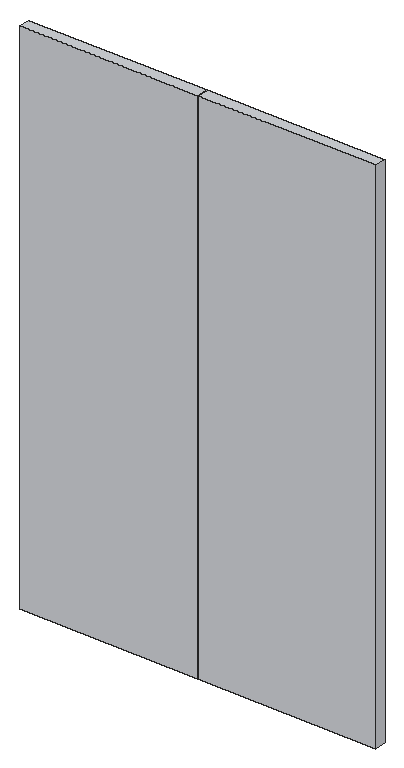
Revit family "CP-DR_2SL_Sliding Door", category Doors, Revit 2021
Family settings
  OmniClass Number = 23.25.20.14.11.11.17
  OmniClass Title = Infill Panels
  Always vertical = Yes
  Cut with Voids When Loaded = No
  Shared = No
  Room Calculation Point = Yes
Parameters (values of type "50_Off-50")
  YN_Handle_Internal = no
  YN_Handle_External = no
  Thickness = 0 mm  # constant formula
  TX_TypeCode = "2SL"
  TX_Host [instance] = ""
  MA_Panel = none
  MA_Handle = none
  MA_Frame = none
  Function = Interior
  Description = "Porta a due ante simmetriche scorrevoli. Montata a filo interno."
  Define Thermal Properties by = Schematic Type
  DI_Width_Rough [instance] = 1663.754 mm
  DI_Width_Clear [instance] = DI_Width  # 1663.754 mm
  DI_Width [instance] = DI_Width_Rough - (DI_Frame_Width * 2)  # 1663.754 mm
  DI_Panel_Width [instance] = DI_Width / 2  # 831.877 mm
  DI_Panel_Thickness = 50 mm
  DI_Panel_OffsetYC = 300 mm + DI_Panel_OffsetY  # 250 mm
  DI_Panel_OffsetY = -50 mm
  DI_Panel_Height [instance] = DI_Height  # 2438.4 mm
  DI_Opening_Projection_OffsetX [instance] = DI_Width / 2  # 831.877 mm
  DI_Opening_OffsetX = 0 mm
  DI_Height_Rough [instance] = 2438.4 mm
  DI_Height_Clear [instance] = DI_Height  # 2438.4 mm
  DI_Height [instance] = DI_Height_Rough - DI_Frame_Width  # 2438.4 mm
  DI_Handle_OffsetZ = 900 mm
  DI_Handle_OffsetX = 50 mm
  DI_Frame_Width = 0 mm
  DI_Frame_Thickness = 50 mm
  Analytic Construction = "<None>"
Reference planes
  plane 1 "Front": y = 0
  plane 2: z = 0
  plane 3 "Center (Left/Right)": x = 0
  plane 4 "Left": x = -831.877
  plane 5 "Right": x = 831.877
  plane 6 "Top": z = 2438.4
  plane 7 "Front Panel": y = -50
  plane 8 "Back Panel": y = 0
  plane 9 "MidllePanel": y = -25
  plane 10 "Panel Opening Projection Left": x = -1663.754
  plane 11 "Panel Opening Projection Right": x = 1663.754
  plane 12 "Panel Opening Right": x = 831.877
  plane 13 "Panel Opening Left": x = -831.877
  plane 14 "Origin offset": y = -300
  plane 15 "Hinge_Right": x = 831.877
  plane 16 "Hinge_Left": x = -831.877
Text (mm)
  text "Exterior" at (-1379.057, 797.241, 0), in view "Ref. Level"
  text "Exterior" at (12192, 1055.114, 2275.943), in view "Right"
  text "Exterior" at (-6096, 1468.734, 2687.031), in view "Left"
  text "PAN. 1" at (-507.978, 435.083, 0), in view "Ref. Level"
  text "PAN. 2" at (379.091, 435.083, 0), in view "Ref. Level"
Dimensions and locks
  equal spacing: plane 4 "Left", plane 3 "Center (Left/Right)", plane 5 "Right"
  "DI_Panel_Thickness": plane 8 "Back Panel" to plane 7 "Front Panel"
  equal spacing: plane 8 "Back Panel", plane 9 "MidllePanel", plane 7 "Front Panel"
  "DI_Width_Rough": plane 4 "Left" to plane 5 "Right"
  "DI_Height_Rough": plane 2 to plane 6 "Top"
  "DI_Opening_Projection_OffsetX": plane 10 "Panel Opening Projection Left" to plane 4 "Left"
  "DI_Opening_Projection_OffsetX": plane 5 "Right" to plane 11 "Panel Opening Projection Right"
  "DI_Opening_OffsetX": plane 5 "Right" to plane 12 "Panel Opening Right"
  "DI_Opening_OffsetX": plane 13 "Panel Opening Left" to plane 4 "Left"
  "DI_Panel_OffsetYC": plane 7 "Front Panel" to plane 14 "Origin offset"
  locked: plane 1 "Front" to plane 14 "Origin offset" at 300
  "DI_Frame_Width": plane 15 "Hinge_Right" to plane 5 "Right"
  "DI_Frame_Width": plane 4 "Left" to plane 16 "Hinge_Left"
  aligned and locked: level to plane 2
  aligned and locked: nested 1 to plane 9 "MidllePanel"
  aligned and locked: plane 10 "Panel Opening Projection Left" to nested 2
  aligned and locked: nested 2 to plane 9 "MidllePanel"
  aligned and locked: plane 11 "Panel Opening Projection Right" to nested 3
  aligned and locked: nested 3 to plane 9 "MidllePanel"
  aligned and locked: plane 9 "MidllePanel" to nested 4
  aligned and locked: nested 5 to plane 8 "Back Panel"
  aligned and locked: plane 8 "Back Panel" to nested 6
  aligned and locked: plane 3 "Center (Left/Right)" to nested 7
  aligned and locked: nested 7 to plane 9 "MidllePanel"
  aligned and locked: plane 16 "Hinge_Left" to nested 1
  aligned and locked: nested 4 to plane 15 "Hinge_Right"
  aligned and locked: plane 15 "Hinge_Right" to nested 6
  aligned and locked: nested 5 to plane 16 "Hinge_Left"
Nested families
  nested 1: "DR.PN_Sliding Panel" at (-415.938, -25, 0), DI_Panel_Thickness <- "DI_Panel_Thickness", DI_Panel_Height <- "DI_Panel_Height", MA_Panel <- "MA_Panel", DI_Panel_Width <- "DI_Panel_Width", type "Sliding"
    with Thickness 0 mm, MA_Panel none, DI_Panel_Width 831.877 mm, DI_Panel_Thickness 50 mm, DI_Panel_Height 2438.4 mm
  nested 2: "DR.PN_Sliding Panel" at (-1247.815, -25, 0), DI_Panel_Thickness <- "DI_Panel_Thickness", DI_Panel_Height <- "DI_Panel_Height", DI_Panel_Width <- "DI_Panel_Width", type "Sliding_Projection"
    with Thickness 0 mm, MA_Panel none, DI_Panel_Width 831.877 mm, DI_Panel_Thickness 50 mm, DI_Panel_Height 2438.4 mm
  nested 3: "DR.PN_Sliding Panel" at (1247.815, -25, 0) x (-1, 0, 0) z (0, 0, 1), DI_Panel_Thickness <- "DI_Panel_Thickness", DI_Panel_Height <- "DI_Panel_Height", DI_Panel_Width <- "DI_Panel_Width", type "Sliding_Projection"
    with Thickness 0 mm, MA_Panel none, DI_Panel_Width 831.877 mm, DI_Panel_Thickness 50 mm, DI_Panel_Height 2438.4 mm
  nested 4: "DR.PN_Sliding Panel" at (415.938, -25, 0) x (-1, 0, 0) z (0, 0, 1), DI_Panel_Thickness <- "DI_Panel_Thickness", DI_Panel_Height <- "DI_Panel_Height", MA_Panel <- "MA_Panel", DI_Panel_Width <- "DI_Panel_Width", type "Sliding"
    with Thickness 0 mm, MA_Panel none, DI_Panel_Width 831.877 mm, DI_Panel_Thickness 50 mm, DI_Panel_Height 2438.4 mm
  nested 5: "DR.HA_Handle_FlushPull_Circular_HW" at (-831.877, 80, 0), DI_Panel_Thickness <- "DI_Panel_Thickness", DI_Panel_Height <- "DI_Panel_Height", DI_Handle_OffsetZ <- "DI_Handle_OffsetZ", YN_Handle_External <- "YN_Handle_External", YN_Handle_Internal <- "YN_Handle_Internal", DI_Panel_Width <- "DI_Panel_Width", DI_Handle_OffsetX <- "DI_Handle_OffsetX", type "Cut"
    with YN_Handle_Internal no, YN_Handle_External no, MA_Handle none, DI_Panel_Width 831.877 mm, DI_Panel_Thickness 50 mm, DI_Panel_OffsetYC 0 mm, DI_Panel_OffsetY 0 mm, DI_Panel_Height 2438.4 mm, DI_Handle_OffsetZ 900 mm, DI_Handle_OffsetX 50 mm
  nested 6: "DR.HA_Handle_FlushPull_Circular_HW" at (831.877, 80, 0) x (-1, 0, 0) z (0, 0, 1), DI_Panel_Thickness <- "DI_Panel_Thickness", DI_Panel_Height <- "DI_Panel_Height", DI_Handle_OffsetZ <- "DI_Handle_OffsetZ", YN_Handle_External <- "YN_Handle_External", YN_Handle_Internal <- "YN_Handle_Internal", DI_Panel_Width <- "DI_Panel_Width", DI_Handle_OffsetX <- "DI_Handle_OffsetX", type "Cut"
    with YN_Handle_Internal no, YN_Handle_External no, MA_Handle none, DI_Panel_Width 831.877 mm, DI_Panel_Thickness 50 mm, DI_Panel_OffsetYC 0 mm, DI_Panel_OffsetY 0 mm, DI_Panel_Height 2438.4 mm, DI_Handle_OffsetZ 900 mm, DI_Handle_OffsetX 50 mm
  nested 7: "DR.FR_Generic Frame" at (0, -25, 0), DI_Frame_Thickness <- "DI_Frame_Thickness", DI_Frame_Width <- "DI_Frame_Width", MA_Frame <- "MA_Frame", DI_Height <- "DI_Height_Rough", DI_Width <- "DI_Width_Rough", type "0"
    with built-in parameter 1001301 0 mm, Thickness 0 mm, MA_Frame none, built-in parameter 1001300 0 mm, DI_Width 1663.754 mm, DI_Height 2438.4 mm, DI_Frame_Width 0 mm, DI_Frame_Thickness 50 mm
Definition of nested family "DR.PN_Sliding Panel"
  Parameters (values of type "Sliding")
    YN_Swing = yes
    YN_Panel_Projection = no
    YN_Panel = not(YN_Panel_Projection)  # yes
    YN_3D = not(YN_Panel_Projection)  # yes
    Width = 0 mm  # constant formula
    Thickness [instance] = 0 mm  # constant formula
    Rough Width = 0 mm  # constant formula
    Rough Height = 0 mm  # constant formula
    MA_Panel [instance] = none
    Height = 0 mm  # constant formula
    Define Thermal Properties by = 1
    Default Elevation = 0 mm  # constant formula
    DI_Panel_Width [instance] = 900 mm
    DI_Panel_Thickness [instance] = 50 mm
    DI_Panel_Height [instance] = 2100 mm
    Analytic Construction = "<None>"
  Types (2, lengths in mm): name | YN_Swing | YN_Panel_Projection | YN_Panel | YN_3D | DI_Panel_Width | DI_Panel_Height
    Sliding | yes | no | yes | yes | 900 | 2100
    Sliding_Projection | no | yes | no | no | 800 | 1800
  Reference planes
    plane 1 "Center (Front/Back)": y = 0
    plane 2: z = 0
    plane 3 "Center (Left/Right)": x = 0
    plane 4 "Left": x = -450
    plane 5 "Right": x = 450
    plane 6 "FrontPanel": y = -25
    plane 7 "Top": z = 2100
    plane 8: z = 1050
    plane 9 "BackPanel": y = 25
    plane 10 "Arrow1": z = 1107
    plane 11 "Arrow2": z = 993
    plane 12 "Summit Arrow": x = 300
  Forms (mm)
    Extrusion 1, solid, material <- "MA_Panel", visible <- "YN_3D"
      sketch origin (1340, 700, 0) x (1, 0, 0) y (0, 1, 0)
        loop
          line (-1790, -725) -> (-890, -725) -> (-890, -675) -> (-1790, -675) -> (-1790, -725)
      from 0 to 2100
  Lines and regions (mm)
    Masking region 1, visible <- "YN_Panel"
      outline origin (0, 0, 0) x (1, 0, 0) y (0, 1, 0)
        loop
          line (-450, -25) -> (450, -25) -> (450, 25) -> (-450, 25) -> (-450, -25)
    symbolic lines, not visible
      curve 1: line (-450, 25, 0) -> (450, 25, 0)
    symbolic lines, not visible, detail levels medium+fine
      curve 2: line (-450, -25, 0) -> (450, -25, 0)
      curve 3: line (450, -25, 0) -> (450, 25, 0)
    symbolic lines
      curve 4: line (-450, 25, 0) -> (450, 25, 0)
      curve 5: line (-450, -25, 0) -> (-450, 25, 0)
      curve 6: line (450, -25, 0) -> (-450, -25, 0)
      curve 7: line (450, 25, 0) -> (450, -25, 0)
    model lines, visible <- "YN_Swing"
      curve 8: line (0, 25, 1050) -> (300, 25, 1050)
      curve 9: line (0, 25, 1050) -> (81.429, 25, 993)
      curve 10: line (0, 25, 1050) -> (81.429, 25, 1107)
      curve 11: line (0, -25, 1050) -> (300, -25, 1050)
      curve 12: line (0, -25, 1050) -> (81.429, -25, 993)
      curve 13: line (0, -25, 1050) -> (81.429, -25, 1107)
  Dimensions and locks
    "DI_Panel_Width": plane 4 "Left" to plane 5 "Right"
    equal spacing: plane 4 "Left", plane 3 "Center (Left/Right)", plane 5 "Right"
    "DI_Panel_Thickness": plane 6 "FrontPanel" to plane 9 "BackPanel"
    equal spacing: plane 7 "Top", plane 8, plane 2
    equal spacing: plane 6 "FrontPanel", plane 1 "Center (Front/Back)", plane 9 "BackPanel"
    locked: plane 10 "Arrow1" to plane 8 at 57
    locked: plane 8 to plane 11 "Arrow2" at 57
    plane 5 "Right" to plane 12 "Summit Arrow" = 150 mm
    "DI_Panel_Height": plane 7 "Top" to plane 2
    aligned and locked: level to plane 2
    aligned and locked: plane 4 "Left" to Extrusion 1
    aligned and locked: plane 9 "BackPanel" to Extrusion 1
    aligned and locked: plane 5 "Right" to Extrusion 1
    aligned and locked: Extrusion 1 to plane 6 "FrontPanel"
    aligned and locked: plane 7 "Top" to Extrusion 1
    aligned and locked: plane 9 "BackPanel" to Masking region 1 sketch curve
    aligned and locked: Masking region 1 sketch curve to plane 6 "FrontPanel"
    aligned and locked: Masking region 1 sketch curve to plane 4 "Left"
    aligned and locked: plane 5 "Right" to Masking region 1 sketch curve
    aligned and locked: curve 7 to plane 5 "Right"
    aligned and locked: curve 4 to plane 9 "BackPanel"
    aligned and locked: plane 6 "FrontPanel" to curve 6
    aligned and locked: curve 5 to plane 4 "Left"
    aligned and locked: plane 12 "Summit Arrow" to curve 8
    aligned and locked: plane 3 "Center (Left/Right)" to curve 8
    aligned and locked: plane 8 to curve 10
    aligned and locked: plane 8 to curve 8
  Automatic sketch dimensions
    plane 3 "Center (Left/Right)" to curve 12 = 81.429 mm
    plane 3 "Center (Left/Right)" to curve 13 = 81.429 mm
    Extrusion 1 sketch curve to plane 4 "Left" = 0 mm
    Extrusion 1 sketch curve to plane 5 "Right" = 0 mm
    Extrusion 1 sketch curve to plane 6 "FrontPanel" = 0 mm
    Extrusion 1 sketch curve to plane 9 "BackPanel" = 0 mm
    curve 12 to plane 11 "Arrow2" = 0 mm
    curve 9 to plane 11 "Arrow2" = 0 mm
    plane 3 "Center (Left/Right)" to curve 9 = 81.429 mm
    curve 10 to plane 10 "Arrow1" = 0 mm
    plane 3 "Center (Left/Right)" to curve 10 = 81.429 mm
    curve 11 to plane 12 "Summit Arrow" = 0 mm
    curve 12 to plane 3 "Center (Left/Right)" = 0 mm
    curve 13 to plane 10 "Arrow1" = 0 mm
    curve 13 to plane 8 = 0 mm
Definition of nested family "DR.HA_Handle_FlushPull_Circular_HW"
  Parameters (values of type "Cut")
    YN_Opening_Pivot = no
    YN_Handle_Internal [instance] = yes
    YN_Handle_External [instance] = yes
    MA_Handle [instance] = none
    Handle = DR.HA_Handle_FlushPull_Circular : Cut
    Define Thermal Properties by = 1
    Default Elevation = 0 mm  # constant formula
    DI_Panel_Width [instance] = 900 mm
    DI_Panel_Thickness [instance] = 40 mm
    DI_Panel_OffsetYC [instance] = if(YN_Opening_Pivot, (DI_Panel_Thickness / 2), DI_Panel_OffsetY)  # 0 mm
    DI_Panel_OffsetY [instance] = 0 mm
    DI_Panel_Height [instance] = 2148.093 mm
    DI_Handle_OffsetZ [instance] = 1000 mm
    DI_Handle_OffsetX [instance] = 50 mm
    Analytic Construction = "<None>"
  Types (2, lengths in mm): name | Handle
    Projection | DR.HA_Handle_FlushPull_Circular : Projection
    Cut | DR.HA_Handle_FlushPull_Circular : Cut
  Reference planes
    plane 1 "Panel_Ext": y = -80
    plane 2: z = 0
    plane 3 "Center (Left/Right)": x = 0
    plane 4 "Panel_Int": y = -120
    plane 5: z = 1000
    plane 6: x = 900
    plane 7: x = 850
    plane 8: z = 2148.093
    plane 9 "Origin": y = -80
  Lines and regions (mm)
    symbolic lines, detail levels coarse
      curve 1: line (0, -120, 0) -> (0, -80, 0)
  Dimensions and locks
    "DI_Panel_Thickness": plane 4 "Panel_Int" to plane 1 "Panel_Ext"
    "DI_Handle_OffsetZ": plane 2 to plane 5
    "DI_Panel_Width": plane 6 to plane 3 "Center (Left/Right)"
    "DI_Handle_OffsetX": plane 6 to plane 7
    "DI_Panel_Height": plane 8 to level
    "DI_Panel_OffsetYC": plane 1 "Panel_Ext" to plane 9 "Origin"
    aligned and locked: plane 2 to level
    aligned and locked: plane 7 to nested 2
    aligned and locked: nested 1 to plane 7
    aligned and locked: plane 4 "Panel_Int" to nested 1
    aligned and locked: plane 1 "Panel_Ext" to nested 2
  Automatic sketch dimensions
    plane 1 "Panel_Ext" to curve 1 = 0 mm
    curve 1 to plane 3 "Center (Left/Right)" = 0 mm
    plane 4 "Panel_Int" to curve 1 = 0 mm
  Nested families
    nested 1: "DR.HA_Handle_FlushPull_Circular" at (850, -120, 1000), built-in parameter 1001364 <- "DI_Handle_OffsetZ", visible <- "YN_Handle_Internal", MA_Handle <- "MA_Handle", type <- "Handle", type "Cut"
      with MA_Handle none
    nested 2: "DR.HA_Handle_FlushPull_Circular" at (850, -80, 1000), built-in parameter 1001364 <- "DI_Handle_OffsetZ", visible <- "YN_Handle_External", MA_Handle <- "MA_Handle", type <- "Handle", type "Cut"
      with MA_Handle none
  Definition of nested family "DR.HA_Handle_FlushPull_Circular"
    Parameters (values of type "Cut")
      YN_Graphics_Projection = no
      YN_Graphics_Cut = yes
      YN_3D = yes
      MA_Handle [instance] = none
      Define Thermal Properties by = 1
      Default Elevation = 0 mm  # constant formula
      Analytic Construction = "<None>"
    Types (2, lengths in mm): name | YN_Graphics_Projection | YN_Graphics_Cut | YN_3D
      Cut | no | yes | yes
      Projection | yes | no | no
    Reference planes
      plane 1 "Center (Front/Back)": y = 0
      plane 2: z = 0
      plane 3 "Center (Left/Right)": x = 0
    Forms (mm)
      Extrusion 1, solid, material <- "MA_Handle", visible <- "YN_3D"
        sketch origin (0, 0, 0) x (1, 0, 0) y (0, 0, 1)
          loop
            circle (0, 0) r 25
        from 0 to 3
      Extrusion 2, void
        sketch origin (0, 0, 0) x (1, 0, 0) y (0, 0, 1)
          loop
            circle (0, 0) r 14
        from 1 to 4
    Cuts and joins
      Extrusion 2 cuts Extrusion 1
    Lines and regions (mm)
      Masking region 1, visible <- "YN_Graphics_Cut", detail levels medium+fine
        outline origin (0, 0, 0) x (1, 0, 0) y (0, 1, 0)
          loop
            line (-25, 0) -> (-25, -3) -> (25, -3) -> (25, 0) -> (-25, 0)
    Dimensions and locks
      aligned and locked: plane 2 to level
Definition of nested family "DR.FR_Generic Frame"
  Parameters (values of type "0")
    Width [instance] = 0 mm  # constant formula
    Thickness [instance] = 0 mm  # constant formula
    MA_Frame [instance] = none
    Height [instance] = 0 mm  # constant formula
    Define Thermal Properties by = 1
    Default Elevation = 0 mm
    DI_Width [instance] = 1200 mm
    DI_Height [instance] = 2100 mm
    DI_Frame_Width [instance] = 80 mm
    DI_Frame_Thickness [instance] = 150 mm
    Analytic Construction = "<None>"
  Reference planes
    plane 1 "Center (Front/Back)": y = 0
    plane 2: z = 0
    plane 3 "Center (Left/Right)": x = 0
    plane 4 "Left": x = -600
    plane 5 "Right": x = 600
    plane 6 "FrontFrame": y = -75
    plane 7 "Top": z = 2100
    plane 8: z = 1050
    plane 9: x = -520
    plane 10: x = 520
    plane 11 "BackFrame": y = 75
  Forms (mm)
    Sweep 1, solid, material <- "MA_Frame"
      path origin (0, -75, 0) x (-1, 0, 0) y (0, 0, 1)
        loop
          line (600, 0) -> (600, 2100) -> (-600, 2100) -> (-600, 0)
      profile origin (-600, -75, 1050) x (1, 0, 0) y (0, 1, 0)
        loop
          line (80, 150) -> (0, 150) -> (0, 0) -> (80, 0) -> (80, 150)
  Lines and regions (mm)
    Masking region 1
      outline origin (0, 0, 0) x (1, 0, 0) y (0, 1, 0)
        loop
          line (-600, -75) -> (-520, -75) -> (-520, 75) -> (-600, 75) -> (-600, -75)
    Masking region 2
      outline origin (0, 0, 0) x (1, 0, 0) y (0, 1, 0)
        loop
          line (600, -75) -> (600, 75) -> (520, 75) -> (520, -75) -> (600, -75)
  Dimensions and locks
    "DI_Width": plane 4 "Left" to plane 5 "Right"
    equal spacing: plane 4 "Left", plane 3 "Center (Left/Right)", plane 5 "Right"
    "DI_Frame_Thickness": plane 6 "FrontFrame" to plane 11 "BackFrame"
    "DI_Height": plane 7 "Top" to plane 2
    equal spacing: plane 7 "Top", plane 8, plane 2
    "DI_Frame_Width": plane 4 "Left" to plane 9
    "DI_Frame_Width": plane 10 to plane 5 "Right"
    equal spacing: plane 6 "FrontFrame", plane 1 "Center (Front/Back)", plane 11 "BackFrame"
    aligned and locked: level to plane 2
    aligned and locked: plane 4 "Left" to Sweep 1 sketch curve
    aligned and locked: plane 7 "Top" to Sweep 1 sketch curve
    aligned and locked: Sweep 1 sketch curve to plane 5 "Right"
    aligned and locked: plane 2 to Sweep 1 sketch curve  (x2)
    aligned and locked: Sweep 1 sketch curve to plane 9
    aligned and locked: Sweep 1 sketch curve to plane 6 "FrontFrame"
    aligned and locked: Sweep 1 sketch curve to plane 4 "Left"
    aligned and locked: Masking region 1 sketch curve to plane 4 "Left"
    aligned and locked: Masking region 1 sketch curve to plane 9
    aligned and locked: Masking region 1 sketch curve to plane 6 "FrontFrame"
    aligned and locked: plane 5 "Right" to Masking region 2 sketch curve
    aligned and locked: Masking region 2 sketch curve to plane 10
    aligned and locked: Masking region 2 sketch curve to plane 6 "FrontFrame"
    aligned and locked: plane 11 "BackFrame" to Masking region 1
    aligned and locked: plane 11 "BackFrame" to Masking region 2
    aligned and locked: plane 11 "BackFrame" to Sweep 1 sketch curve
  Automatic sketch dimensions
    Masking region 1 sketch curve to plane 1 "Center (Front/Back)" = 75 mm
    Masking region 2 sketch curve to plane 1 "Center (Front/Back)" = 75 mm
